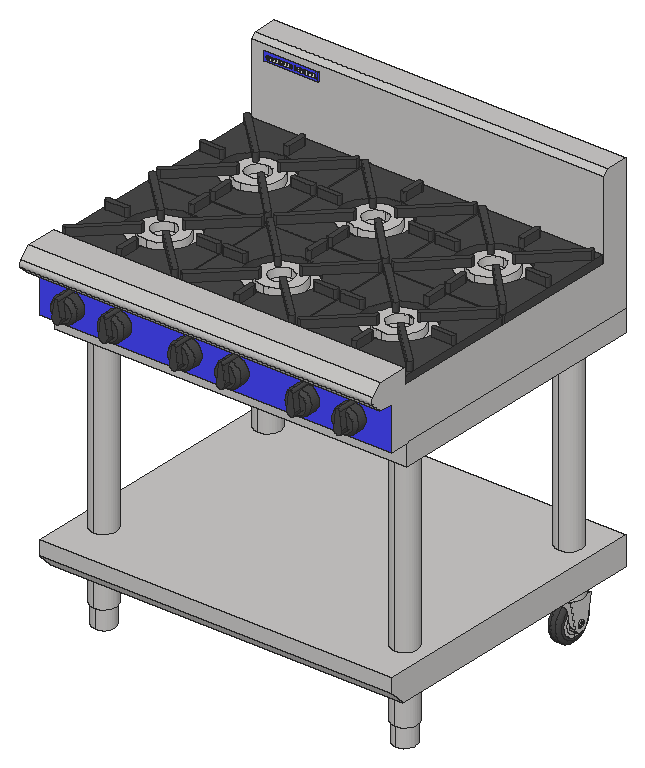
Revit family "QF_MOFFAT_BLUESEAL_CE_G516D-LS", category Specialty Equipment, Revit 2012
Parameters
  Width = 900 mm
  Weight in Pounds = 283  # constant formula
  URL Cutsheet = "www.moffat.com"
  URL = "www.moffat.com"
  Type Mark [instance] = ""
  Status [instance] = ""
  Specification by User [instance] = ""
  Specification by Manufacturer = ""
  Show Logo [instance] = yes
  Show Casters [instance] = yes
  Serial Number = ""
  Seismic Rating = ""
  SMACNA No = ""
  Revision Code [instance] = ""
  Omniclass Number and Title = ""
  NAFEM Spec ID Number = ""
  Model = "G516D-LS"
  Mechanical Remarks = ""
  Mechanical Connection Type = ""
  Masterspec = ""
  Manufacturer = "MOFFAT BLUESEAL"
  Legs [instance] = not(Show Casters)  # no
  Item Number [instance] = ""
  Installed By [instance] = ""
  Identify Quantity as Lot [instance] = yes
  Gas Size = 3/4"
  Gas RI Height = 0 mm
  Gas KW = 46.6
  Gas Input = 159233.0 Btu/h
  Gas Connection Height = 0 mm
  Furnished By [instance] = ""
  Foodservice Equipment Identifier [instance] = yes
  Description = "900MM GAS COOK TOP ON LEG STAND"
  Depth = 812 mm
  CSI MasterFormat = ""
  CSI Master Format = ""
  Base Height [instance] = 150 mm
Reference planes
  plane 1 "BACK": y = 0
  plane 2: z = 0
  plane 3 "LEFT": x = 0
  plane 4 "RIGHT": x = 900
  plane 5 "FRONT": y = -812
  plane 6 "TOP": z = 970
  plane 7 "Center Y": x = 450
  plane 8 "Center X": y = -406
  plane 9 "Base Height": z = 150
  plane 10: z = 915
  plane 11: x = 770
  plane 12: z = 1085
  plane 13: x = 65.354
  plane 14: y = -625
  plane 15: y = -100
  plane 16: x = 834.646
  plane 17: z = 655
Forms (mm)
  Extrusion 1, solid, material "QF_Finishes_Stainless Steel"
    sketch origin (0, 0, 0) x (0, 1, 0) y (0, 0, 1)
      loop
        line (-749, 850) -> (-749, 740) -> (0, 740) -> (0, 1085) -> (-57.5, 1085) -> (-70, 1072.5) -> (-70, 875) -> (-705, 875) -> (-705, 915) -> (-783.97, 915) -> (-808.485, 890.485)
        arc (-808.485, 890.485) -> (-811.999, 882) -> (-808.485, 873.515) r 12
        line (-808.485, 873.515) -> (-784.97, 850) -> (-749, 850)
      loop
        line (0, 685) -> (0, 739.5) -> (-699, 739.5) -> (-699, 685) -> (0, 685)
      loop
        line (0, 222.5) -> (-749, 222.5) -> (-749, 186) -> (-713, 150) -> (0, 150) -> (0, 222.5)
    from 0 to 900
  Revolve 2, solid, material "QF_Finishes_Black"
    sketch origin (90, 7, 600) x (0, 1, 0) y (0, 0, -1)
      loop
        line (-789, -229.5) -> (-766, -229.5) -> (-766, -202) -> (-756, -202) -> (-756, -197) -> (-800, -197) -> (-800, -223.651) -> (-789, -229.5)
      axis (-800, -197) -> (-756, -197)
    angle from 0 to 360
  Extrusion 3, solid, material "QF_Finishes_Black"
    sketch origin (90, -759, 797) x (0, 0, 1) y (1, 0, 0)
      loop
        arc (32.192, -4.965) -> (37.079, 0.034) -> (32.192, 5.033) r 5
        line (32.192, 5.033) -> (-10.726, 10.453)
        arc (-10.726, 10.453) -> (-22.392, 0.618) -> (-11.893, -10.454) r 10.487
        line (-11.893, -10.454) -> (32.192, -4.965)
    from 0 to -49
  Extrusion 4, solid, material "QF_Finishes_Stainless Steel"
    sketch origin (0, 0, 222.5) x (0, -1, 0) y (1, 0, 0)
      loop
        circle (100, 65) r 31.75
      loop
        circle (625, 65) r 31.75
      loop
        circle (100, 835) r 31.75
      loop
        circle (625, 835) r 31.75
    from 0 to 462.5
  Revolve 5, solid, material "QF_Finishes_Stainless Steel", visible <- "Legs"
    sketch origin (65.5, -166, 0) x (0, 1, 0) y (0, 0, 1)
      loop
        line (34.25, 150) -> (34.25, 50) -> (38.5, 50) -> (38.5, 0) -> (66, 0) -> (66, 150) -> (34.25, 150)
      axis (66, 150) -> (66, 0)
    angle from 0 to 360
  Revolve 6, solid, material "QF_Finishes_Stainless Steel"
    sketch origin (65.5, -735, 0) x (0, 1, 0) y (0, 0, 1)
      loop
        line (78.25, 150) -> (78.25, 50) -> (82.5, 50) -> (82.5, 0) -> (110, 0) -> (110, 150) -> (78.25, 150)
      axis (110, 150) -> (110, 0)
    angle from 0 to 360
  Revolve 7, solid, material "QF_Finishes_Stainless Steel", visible <- "Legs"
    sketch origin (834.646, -166, -0.354) x (0, 1, 0) y (0, 0, -1)
      loop
        line (34.25, -150) -> (66, -150) -> (66, -0.354) -> (38.5, -0.354) -> (38.5, -50) -> (34.25, -50) -> (34.25, -150)
      axis (66, -150) -> (66, -0.354)
    angle from 0 to 360
  Revolve 8, solid, material "QF_Finishes_Stainless Steel"
    sketch origin (834.646, -728, -0.354) x (0, 1, 0) y (0, 0, -1)
      loop
        line (71.25, -150) -> (103, -150) -> (103, -0.354) -> (75.5, -0.354) -> (75.5, -50) -> (71.25, -50) -> (71.25, -150)
      axis (103, -150) -> (103, -0.354)
    angle from 0 to 360
  Revolve 9, solid, material "QF_Finishes_Stainless Steel", visible <- "Show Casters"
    sketch origin (16.276, -100.755, -12.8) x (1, 0, 0) y (0, 0, 1)
      loop
        line (14.841, 63.604) -> (83.584, 63.604) -> (83.584, 67.109) -> (82.314, 68.379) -> (80.79, 68.379) -> (80.79, 71.826) -> (68.644, 71.826) -> (68.644, 81.79) -> (65.088, 83.843) -> (63.738, 92.179) -> (65.881, 92.179) -> (65.881, 98.529) -> (65.088, 98.529) -> (65.088, 104.879)
        arc (65.088, 104.879) -> (62.298, 111.614) -> (55.563, 114.404) r 9.525
        line (55.563, 114.404) -> (42.863, 114.404)
        arc (42.863, 114.404) -> (36.127, 111.614) -> (33.338, 104.879) r 9.525
        line (33.338, 104.879) -> (33.338, 98.529) -> (32.544, 98.529) -> (32.544, 92.179) -> (34.687, 92.179) -> (33.352, 83.932) -> (29.782, 81.871) -> (29.782, 71.826) -> (17.635, 71.826) -> (17.635, 68.379) -> (16.111, 68.379) -> (14.841, 67.109) -> (14.841, 63.604)
      axis (14.841, 63.604) -> (83.584, 63.604)
    angle from 0 to 360
  Extrusion 10, solid, material "QF_Finishes_Stainless Steel", visible <- "Show Casters"
    sketch origin (72.001, 132.353, -8.783) x (0, 1, 0) y (0, 0, 1)
      loop
        line (-200.603, 118.783) -> (-264.103, 118.783) -> (-251.746, 53.895)
        arc (-251.746, 53.895) -> (-232.353, 38.783) -> (-212.959, 53.895) r 20
        line (-212.959, 53.895) -> (-200.603, 118.783)
    from -35.667 to 22.923
  Revolve 11, solid, material "QF_Finishes_Stainless Steel", visible <- "Show Casters"
    sketch origin (65.5, -204, 0) x (0, 1, 0) y (0, 0, 1)
      loop
        line (68.25, 150) -> (68.25, 110) -> (104, 110) -> (104, 150) -> (68.25, 150)
      axis (104, 150) -> (104, 110)
    angle from 0 to 360
  Revolve 12, solid, material "QF_Finishes_Stainless Steel", visible <- "Legs"
    sketch origin (65.5, -166, 0) x (0, 1, 0) y (0, 0, 1)
      loop
        line (34.25, 150) -> (34.25, 50) -> (38.5, 50) -> (38.5, 0) -> (66, 0) -> (66, 150) -> (34.25, 150)
      axis (66, 150) -> (66, 0)
    angle from 0 to 360
  Revolve 13, solid, material "QF_Finishes_Stainless Steel", visible <- "Show Casters"
    sketch origin (485.423, -100.755, -12.798) x (1, 0, 0) y (0, 0, 1)
      loop
        line (314.841, 63.604) -> (383.584, 63.604) -> (383.584, 67.109) -> (382.314, 68.379) -> (380.79, 68.379) -> (380.79, 71.826) -> (368.644, 71.826) -> (368.644, 81.79) -> (365.088, 83.843) -> (363.738, 92.179) -> (365.881, 92.179) -> (365.881, 98.529) -> (365.088, 98.529) -> (365.088, 104.879)
        arc (365.088, 104.879) -> (362.298, 111.614) -> (355.563, 114.404) r 9.525
        line (355.563, 114.404) -> (342.863, 114.404)
        arc (342.863, 114.404) -> (336.127, 111.614) -> (333.338, 104.879) r 9.525
        line (333.338, 104.879) -> (333.338, 98.529) -> (332.544, 98.529) -> (332.544, 92.179) -> (334.687, 92.179) -> (333.352, 83.932) -> (329.782, 81.871) -> (329.782, 71.826) -> (317.635, 71.826) -> (317.635, 68.379) -> (316.111, 68.379) -> (314.841, 67.109) -> (314.841, 63.604)
      axis (314.841, 63.604) -> (383.584, 63.604)
    angle from 0 to 360
  Extrusion 14, solid, material "QF_Finishes_Stainless Steel", visible <- "Show Casters"
    sketch origin (841.147, 132.353, -9.137) x (0, 1, 0) y (0, 0, 1)
      loop
        line (-200.603, 118.783) -> (-264.103, 118.783) -> (-251.746, 53.895)
        arc (-251.746, 53.895) -> (-232.353, 38.783) -> (-212.959, 53.895) r 20
        line (-212.959, 53.895) -> (-200.603, 118.783)
    from -35.667 to 22.923
  Revolve 15, solid, material "QF_Finishes_Stainless Steel", visible <- "Show Casters"
    sketch origin (834.646, -204, -0.354) x (0, 1, 0) y (0, 0, 1)
      loop
        line (68.25, 150) -> (68.25, 110) -> (104, 110) -> (104, 150) -> (68.25, 150)
      axis (104, 150) -> (104, 110)
    angle from 0 to 360
  Extrusion 16, solid, material "QF_Finishes_Stainless Steel"
    sketch origin (0, 0, 685) x (-1, 0, 0) y (0, 1, 0)
      loop
        circle (-770, -32) r 6.35
    from 0 to 30
  Revolve 17, solid, material "QF_Finishes_Black"
    sketch origin (390, 7, 600) x (0, 1, 0) y (0, 0, -1)
      loop
        line (-789, -229.5) -> (-766, -229.5) -> (-766, -202) -> (-756, -202) -> (-756, -197) -> (-800, -197) -> (-800, -223.651) -> (-789, -229.5)
      axis (-800, -197) -> (-756, -197)
    angle from 0 to 360
  Extrusion 18, solid, material "QF_Finishes_Black"
    sketch origin (390, -759, 797) x (0, 0, 1) y (1, 0, 0)
      loop
        arc (32.192, -4.965) -> (37.079, 0.034) -> (32.192, 5.033) r 5
        line (32.192, 5.033) -> (-10.726, 10.453)
        arc (-10.726, 10.453) -> (-22.392, 0.618) -> (-11.893, -10.454) r 10.487
        line (-11.893, -10.454) -> (32.192, -4.965)
    from 0 to -49
  Revolve 19, solid, material "QF_Finishes_Black"
    sketch origin (690, 7, 600) x (0, 1, 0) y (0, 0, -1)
      loop
        line (-789, -229.5) -> (-766, -229.5) -> (-766, -202) -> (-756, -202) -> (-756, -197) -> (-800, -197) -> (-800, -223.651) -> (-789, -229.5)
      axis (-800, -197) -> (-756, -197)
    angle from 0 to 360
  Extrusion 20, solid, material "QF_Finishes_Black"
    sketch origin (690, -759, 797) x (0, 0, 1) y (1, 0, 0)
      loop
        arc (32.192, -4.965) -> (37.079, 0.034) -> (32.192, 5.033) r 5
        line (32.192, 5.033) -> (-10.726, 10.453)
        arc (-10.726, 10.453) -> (-22.392, 0.618) -> (-11.893, -10.454) r 10.487
        line (-11.893, -10.454) -> (32.192, -4.965)
    from 0 to -49
  Revolve 21, solid, material "QF_Finishes_Black"
    sketch origin (210, 7, 600) x (0, 1, 0) y (0, 0, -1)
      loop
        line (-789, -229.5) -> (-766, -229.5) -> (-766, -202) -> (-756, -202) -> (-756, -197) -> (-800, -197) -> (-800, -223.651) -> (-789, -229.5)
      axis (-800, -197) -> (-756, -197)
    angle from 0 to 360
  Extrusion 22, solid, material "QF_Finishes_Black"
    sketch origin (210, -759, 797) x (0, 0, 1) y (1, 0, 0)
      loop
        arc (32.192, -4.965) -> (37.079, 0.034) -> (32.192, 5.033) r 5
        line (32.192, 5.033) -> (-10.726, 10.453)
        arc (-10.726, 10.453) -> (-22.392, 0.618) -> (-11.893, -10.454) r 10.487
        line (-11.893, -10.454) -> (32.192, -4.965)
    from 0 to -49
  Revolve 23, solid, material "QF_Finishes_Black"
    sketch origin (510, 7, 600) x (0, 1, 0) y (0, 0, -1)
      loop
        line (-789, -229.5) -> (-766, -229.5) -> (-766, -202) -> (-756, -202) -> (-756, -197) -> (-800, -197) -> (-800, -223.651) -> (-789, -229.5)
      axis (-800, -197) -> (-756, -197)
    angle from 0 to 360
  Extrusion 24, solid, material "QF_Finishes_Black"
    sketch origin (510, -759, 797) x (0, 0, 1) y (1, 0, 0)
      loop
        arc (32.192, -4.965) -> (37.079, 0.034) -> (32.192, 5.033) r 5
        line (32.192, 5.033) -> (-10.726, 10.453)
        arc (-10.726, 10.453) -> (-22.392, 0.618) -> (-11.893, -10.454) r 10.487
        line (-11.893, -10.454) -> (32.192, -4.965)
    from 0 to -49
  Revolve 25, solid, material "QF_Finishes_Black"
    sketch origin (810, 7, 600) x (0, 1, 0) y (0, 0, -1)
      loop
        line (-789, -229.5) -> (-766, -229.5) -> (-766, -202) -> (-756, -202) -> (-756, -197) -> (-800, -197) -> (-800, -223.651) -> (-789, -229.5)
      axis (-800, -197) -> (-756, -197)
    angle from 0 to 360
  Extrusion 26, solid, material "QF_Finishes_Black"
    sketch origin (810, -759, 797) x (0, 0, 1) y (1, 0, 0)
      loop
        arc (32.192, -4.965) -> (37.079, 0.034) -> (32.192, 5.033) r 5
        line (32.192, 5.033) -> (-10.726, 10.453)
        arc (-10.726, 10.453) -> (-22.392, 0.618) -> (-11.893, -10.454) r 10.487
        line (-11.893, -10.454) -> (32.192, -4.965)
    from 0 to -49
Lines and regions (mm)
  Split face 1
    outline origin (0, -56.5, 1085) x (0, 1, 0) y (-1, 0, 0)
      loop
        line (11.115, -338.041) -> (11.115, -566)
        arc (11.115, -566) -> (16.115, -574.66) -> (26.115, -574.66) r 10
        line (26.115, -574.66) -> (33.115, -570.619)
        arc (33.115, -570.619) -> (36.775, -566.959) -> (38.115, -561.959) r 10
        line (38.115, -561.959) -> (38.115, -334)
        arc (38.115, -334) -> (33.115, -325.34) -> (23.115, -325.34) r 10
        line (23.115, -325.34) -> (16.115, -329.381)
        arc (16.115, -329.381) -> (12.455, -333.041) -> (11.115, -338.041) r 10
  Split face 2
    outline origin (0, -56.5, 1085) x (0, 1, 0) y (-1, 0, 0)
      loop
        line (38.115, -851.959) -> (38.115, -624)
        arc (38.115, -624) -> (33.115, -615.34) -> (23.115, -615.34) r 10
        line (23.115, -615.34) -> (16.115, -619.381)
        arc (16.115, -619.381) -> (12.455, -623.041) -> (11.115, -628.041) r 10
        line (11.115, -628.041) -> (11.115, -856)
        arc (11.115, -856) -> (16.115, -864.66) -> (26.115, -864.66) r 10
        line (26.115, -864.66) -> (33.115, -860.619)
        arc (33.115, -860.619) -> (36.775, -856.959) -> (38.115, -851.959) r 10
  Split face 3
    outline origin (0, -56.5, 1085) x (0, 1, 0) y (-1, 0, 0)
      loop
        line (11.115, -48.041) -> (11.115, -276)
        arc (11.115, -276) -> (16.115, -284.66) -> (26.115, -284.66) r 10
        line (26.115, -284.66) -> (33.115, -280.619)
        arc (33.115, -280.619) -> (36.775, -276.959) -> (38.115, -271.959) r 10
        line (38.115, -271.959) -> (38.115, -44)
        arc (38.115, -44) -> (33.115, -35.34) -> (23.115, -35.34) r 10
        line (23.115, -35.34) -> (16.115, -39.381)
        arc (16.115, -39.381) -> (12.455, -43.041) -> (11.115, -48.041) r 10
  symbolic lines, style "SpecialityEquipmentHiddenLines", visible <- "Show Casters"
    curve 1: line (78.456, -46.735, 0) -> (105.952, -62.61, 0)
    curve 2: line (27.656, -134.723, 0) -> (78.456, -46.735, 0)
    curve 3: line (55.152, -150.598, 0) -> (27.656, -134.723, 0)
    curve 4: line (105.952, -62.61, 0) -> (55.152, -150.598, 0)
    curve 5: line (848.456, -46.735, 0) -> (875.952, -62.61, 0)
    curve 6: line (797.656, -134.723, 0) -> (848.456, -46.735, 0)
    curve 7: line (825.152, -150.598, 0) -> (797.656, -134.723, 0)
    curve 8: line (875.952, -62.61, 0) -> (825.152, -150.598, 0)
  symbolic lines
    curve 9: line (0, -783.97, 0) -> (900, -783.97, 0)
    curve 10: line (0, 0, 0) -> (0, -811.999, 0)
    curve 11: line (900, -811.999, 0) -> (900, 0, 0)
    curve 12: line (900, -811.999, 0) -> (0, -811.999, 0)
    curve 13: line (0, -70, 0) -> (900, -70, 0)
    curve 14: line (0, -57.5, 0) -> (900, -57.5, 0)
    curve 15: line (900, 0, 0) -> (0, 0, 0)
    curve 16: line (561.959, -18.385, 0) -> (334, -18.385, 0)
    curve 17: arc (334, -18.385, 0) -> (325.34, -23.385, 0) -> (325.34, -33.385, 0) r 10
    curve 18: line (325.34, -33.385, 0) -> (329.381, -40.385, 0)
    curve 19: arc (329.381, -40.385, 0) -> (333.041, -44.045, 0) -> (338.041, -45.385, 0) r 10
    curve 20: line (338.041, -45.385, 0) -> (566, -45.385, 0)
    curve 21: arc (566, -45.385, 0) -> (574.66, -40.385, 0) -> (574.66, -30.385, 0) r 10
    curve 22: line (574.66, -30.385, 0) -> (570.619, -23.385, 0)
    curve 23: arc (570.619, -23.385, 0) -> (566.959, -19.725, 0) -> (561.959, -18.385, 0) r 10
    curve 24: line (851.959, -18.385, 0) -> (624, -18.385, 0)
    curve 25: arc (624, -18.385, 0) -> (615.34, -23.385, 0) -> (615.34, -33.385, 0) r 10
    curve 26: line (615.34, -33.385, 0) -> (619.381, -40.385, 0)
    curve 27: arc (619.381, -40.385, 0) -> (623.041, -44.045, 0) -> (628.041, -45.385, 0) r 10
    curve 28: line (628.041, -45.385, 0) -> (856, -45.385, 0)
    curve 29: arc (856, -45.385, 0) -> (864.66, -40.385, 0) -> (864.66, -30.385, 0) r 10
    curve 30: line (864.66, -30.385, 0) -> (860.619, -23.385, 0)
    curve 31: arc (860.619, -23.385, 0) -> (856.959, -19.725, 0) -> (851.959, -18.385, 0) r 10
    curve 32: line (271.959, -18.385, 0) -> (44, -18.385, 0)
    curve 33: arc (44, -18.385, 0) -> (35.34, -23.385, 0) -> (35.34, -33.385, 0) r 10
    curve 34: line (35.34, -33.385, 0) -> (39.381, -40.385, 0)
    curve 35: arc (39.381, -40.385, 0) -> (43.041, -44.045, 0) -> (48.041, -45.385, 0) r 10
    curve 36: line (48.041, -45.385, 0) -> (276, -45.385, 0)
    curve 37: arc (276, -45.385, 0) -> (284.66, -40.385, 0) -> (284.66, -30.385, 0) r 10
    curve 38: line (284.66, -30.385, 0) -> (280.619, -23.385, 0)
    curve 39: arc (280.619, -23.385, 0) -> (276.959, -19.725, 0) -> (271.959, -18.385, 0) r 10
    curve 40: line (0, -705, 0) -> (900, -705, 0)
Dimensions and locks
  equal spacing: plane 3 "LEFT", plane 7 "Center Y", plane 4 "RIGHT"
  "Width": plane 3 "LEFT" to plane 4 "RIGHT"
  equal spacing: plane 5 "FRONT", plane 8 "Center X", plane 1 "BACK"
  "Depth": plane 5 "FRONT" to plane 1 "BACK"
  equal spacing: plane 4 "RIGHT", plane 7 "Center Y", plane 3 "LEFT"
  plane 4 "RIGHT" to plane 3 "LEFT" = 900 mm
  plane 5 "FRONT" to plane 1 "BACK" = 812 mm
  "Base Height": plane 9 "Base Height" to level
  plane 6 "TOP" to level = 970 mm
  plane 10 to level = 915 mm
  plane 11 to plane 4 "RIGHT" = 130 mm
  plane 12 to plane 2 = 1085 mm
  Revolve 9 sketch curve to Revolve 9 sketch curve = 50.8 mm
  Revolve 13 sketch curve to Revolve 13 sketch curve = 50.8 mm
  plane 15 to plane 14 = 525 mm
  plane 17 to plane 2 = 655 mm
  Extrusion 16 sketch curve to plane 1 "BACK" = 32 mm
  aligned and locked: level to plane 2
Automatic sketch dimensions
  plane 1 "BACK" to curve 15 = 0 mm
  curve 15 to plane 3 "LEFT" = 0 mm
  curve 11 to plane 4 "RIGHT" = 0 mm
  plane 3 "LEFT" to curve 2 = 27.656 mm
  plane 13 to curve 34 = 30.014 mm
  curve 34 to curve 34 = 4.041 mm
  curve 33 to curve 33 = 8.66 mm
  curve 34 to curve 35 = 8.66 mm
  plane 13 to curve 3 = 10.202 mm
  curve 1 to plane 13 = 13.102 mm
  plane 1 "BACK" to curve 39 = 18.385 mm
  curve 1 to curve 39 = 166.007 mm
  curve 39 to curve 37 = 4.041 mm
  curve 32 to curve 39 = 8.66 mm
  plane 1 "BACK" to curve 38 = 30.385 mm
  curve 38 to curve 38 = 4.041 mm
  plane 1 "BACK" to curve 18 = 33.385 mm
  curve 38 to curve 18 = 40.679 mm
  curve 17 to curve 19 = 4.041 mm  (x2)
  curve 17 to curve 16 = 8.66 mm
  plane 1 "BACK" to curve 23 = 28.385 mm
  plane 7 "Center Y" to curve 23 = 111.959 mm
  curve 23 to curve 20 = 4.041 mm
  curve 16 to curve 23 = 8.66 mm
  curve 23 to curve 21 = 4.041 mm
  plane 1 "BACK" to curve 26 = 33.385 mm
  curve 22 to curve 26 = 40.679 mm
  curve 26 to curve 27 = 4.041 mm
  curve 25 to curve 24 = 8.66 mm
  curve 26 to curve 27 = 8.66 mm
  plane 11 to curve 6 = 27.656 mm
  curve 8 to plane 16 = 9.494 mm
  plane 16 to curve 6 = 13.809 mm
  plane 16 to curve 24 = 17.312 mm
  curve 5 to curve 28 = 7.544 mm
  curve 31 to curve 31 = 8.66 mm
  curve 31 to curve 29 = 4.041 mm
  curve 33 to curve 32 = 15 mm
  curve 27 to curve 25 = 2 mm
  curve 37 to curve 37 = 5 mm
  curve 35 to curve 33 = 7 mm
  plane 1 "BACK" to curve 29 = 35.385 mm
  curve 21 to curve 23 = 7 mm
  curve 19 to curve 17 = 2 mm
  curve 27 to curve 26 = 7 mm
  curve 18 to curve 17 = 7 mm
  curve 1 to curve 36 = 1.35 mm
  curve 6 to curve 28 = 1.35 mm
  curve 14 to plane 15 = 42.5 mm
  curve 5 to curve 14 = 5.11 mm
  curve 4 to curve 1 = 15.875 mm
  curve 13 to curve 14 = 12.5 mm
  plane 14 to curve 40 = 80 mm
  curve 9 to plane 5 "FRONT" = 28.03 mm
  curve 12 to plane 5 "FRONT" = 0.001 mm
  curve 27 to curve 25 = 7 mm
  curve 19 to curve 17 = 7 mm
  curve 29 to curve 31 = 7 mm
  curve 37 to curve 39 = 7 mm
  plane 10 to Extrusion 1 sketch curve = 0 mm
  Extrusion 1 sketch curve to plane 9 "Base Height" = 0 mm
  plane 12 to Extrusion 1 sketch curve = 0 mm
  Extrusion 1 sketch curve to plane 1 "BACK" = 0 mm  (x3)
  Extrusion 1 sketch curve to plane 15 = 42.5 mm
  plane 12 to Extrusion 1 sketch curve = 12.5 mm
  Extrusion 1 sketch curve to Extrusion 1 sketch curve = 12.5 mm
  plane 17 to Extrusion 1 sketch curve = 30 mm
  plane 14 to Extrusion 1 sketch curve = 74 mm
  plane 14 to Extrusion 1 sketch curve = 80 mm
  plane 14 to Extrusion 1 sketch curve = 88 mm
  Extrusion 1 sketch curve to Extrusion 1 sketch curve = 44 mm
  Extrusion 1 sketch curve to Extrusion 1 sketch curve = 36 mm
  Extrusion 1 sketch curve to plane 5 "FRONT" = 28.03 mm
  Extrusion 1 sketch curve to plane 5 "FRONT" = 27.03 mm
  Extrusion 1 sketch curve to plane 5 "FRONT" = 12.001 mm
  Extrusion 1 sketch curve to plane 5 "FRONT" = 3.515 mm  (x2)
  plane 9 "Base Height" to Extrusion 1 sketch curve = 36 mm
  plane 9 "Base Height" to Extrusion 1 sketch curve = 72.5 mm
  Extrusion 1 sketch curve to Extrusion 1 sketch curve = 54.5 mm
  Extrusion 1 sketch curve to Extrusion 1 sketch curve = 0.5 mm
  plane 10 to Extrusion 1 sketch curve = 65 mm
  Extrusion 1 sketch curve to Extrusion 1 sketch curve = 23.515 mm
  plane 10 to Extrusion 1 sketch curve = 40 mm
  Extrusion 1 sketch curve to Extrusion 1 sketch curve = 8.485 mm
  Revolve 2 sketch curve to plane 5 "FRONT" = 19 mm
  Revolve 2 sketch curve to Revolve 2 sketch curve = 0 mm  (x2)
  Revolve 2 sketch curve to Revolve 2 sketch curve = 11 mm
  Revolve 2 sketch curve to Revolve 2 sketch curve = 12.7 mm
  Revolve 2 sketch curve to Revolve 2 sketch curve = 23 mm
  Revolve 2 sketch curve to Revolve 2 sketch curve = 10 mm
  plane 10 to Revolve 2 sketch curve = 85.5 mm
  Revolve 2 sketch curve to Revolve 2 sketch curve = 5.849 mm
  Revolve 2 sketch curve to Revolve 2 sketch curve = 27.5 mm
  Revolve 2 sketch curve to Revolve 2 sketch curve = 5 mm
  Extrusion 3 sketch curve to Revolve 2 = 0.034 mm  (x2)
  Revolve 2 to Extrusion 3 sketch curve = 10.454 mm
  Extrusion 3 sketch curve to Extrusion 3 sketch curve = 0.028 mm
  Extrusion 3 sketch curve to Revolve 2 = 10.453 mm
  Extrusion 3 sketch curve to Extrusion 3 sketch curve = 44 mm
  Extrusion 3 sketch curve to Revolve 2 = 5.033 mm
  Extrusion 3 sketch curve to Extrusion 3 sketch curve = 0.113 mm
  Revolve 2 to Extrusion 3 sketch curve = 4.965 mm
  Extrusion 4 sketch curve to Extrusion 4 sketch curve = 0 mm  (x8)
  Extrusion 1 to Extrusion 4 sketch curve = 68.25 mm  (x2)
  Extrusion 4 sketch curve to Extrusion 4 sketch curve = 31.75 mm  (x4)
  Extrusion 4 sketch curve to Extrusion 1 = 155.75 mm  (x2)
  Extrusion 1 to Extrusion 4 sketch curve = 65 mm  (x4)
  Revolve 5 sketch curve to plane 9 "Base Height" = 0 mm
  Revolve 5 sketch curve to level = 0 mm
  Revolve 5 sketch curve to plane 15 = 0 mm  (x2)
  plane 15 to Revolve 5 sketch curve = 27.5 mm
  plane 15 to Revolve 5 sketch curve = 31.75 mm
  Revolve 5 sketch curve to Revolve 5 sketch curve = 55 mm
  level to Revolve 5 sketch curve = 50 mm
  Revolve 5 sketch curve to Revolve 5 sketch curve = 0 mm
  Revolve 6 sketch curve to plane 9 "Base Height" = 0 mm
  Revolve 6 sketch curve to level = 0 mm
  Revolve 6 sketch curve to plane 14 = 0 mm  (x2)
  Revolve 6 sketch curve to Revolve 6 sketch curve = 27.5 mm
  Revolve 6 sketch curve to Revolve 6 sketch curve = 31.75 mm
  Revolve 6 sketch curve to Revolve 6 sketch curve = 55 mm
  level to Revolve 6 sketch curve = 50 mm
  Revolve 6 sketch curve to Revolve 6 sketch curve = 0 mm
  Revolve 7 sketch curve to level = 0 mm
  Revolve 7 sketch curve to plane 15 = 0 mm  (x2)
  plane 15 to Revolve 7 sketch curve = 27.5 mm
  Revolve 7 sketch curve to plane 9 "Base Height" = 0.354 mm
  plane 15 to Revolve 7 sketch curve = 31.75 mm
  level to Revolve 7 sketch curve = 49.646 mm
  Revolve 7 sketch curve to Revolve 7 sketch curve = 0 mm
  Revolve 7 sketch curve to level = 55.354 mm
  Revolve 8 sketch curve to level = 0 mm
  Revolve 8 sketch curve to plane 14 = 0 mm  (x2)
  Revolve 8 sketch curve to Revolve 8 sketch curve = 27.5 mm
  Revolve 8 sketch curve to plane 9 "Base Height" = 0.354 mm
  plane 14 to Revolve 8 sketch curve = 31.75 mm
  level to Revolve 8 sketch curve = 49.646 mm
  Revolve 8 sketch curve to Revolve 8 sketch curve = 0 mm
  Revolve 8 sketch curve to Revolve 8 sketch curve = 55.354 mm
  plane 3 "LEFT" to Revolve 9 sketch curve = 31.118 mm
  Revolve 9 sketch curve to Revolve 9 sketch curve = 1.27 mm  (x4)
  Revolve 9 sketch curve to Revolve 9 sketch curve = 1.524 mm  (x2)
  Revolve 9 sketch curve to Revolve 9 sketch curve = 12.146 mm  (x2)
  plane 13 to Revolve 9 sketch curve = 16.533 mm
  Revolve 9 sketch curve to Revolve 9 sketch curve = 0.794 mm  (x2)
  Revolve 9 sketch curve to Revolve 9 sketch curve = 3.57 mm
  Revolve 9 sketch curve to Revolve 9 sketch curve = 2.143 mm
  plane 13 to Revolve 9 sketch curve = 6.215 mm
  Revolve 9 sketch curve to plane 13 = 5.276 mm
  Revolve 9 sketch curve to plane 13 = 6.485 mm
  Revolve 9 sketch curve to plane 13 = 14.661 mm
  Revolve 9 sketch curve to Revolve 9 sketch curve = 1.349 mm  (x2)
  Revolve 9 sketch curve to Revolve 9 sketch curve = 3.556 mm
  Revolve 9 sketch curve to Revolve 9 sketch curve = 33.32 mm
  level to Revolve 9 sketch curve = 50.804 mm
  Revolve 9 sketch curve to Revolve 9 sketch curve = 0 mm
  Revolve 9 sketch curve to Revolve 9 sketch curve = 3.505 mm  (x2)
  Revolve 9 sketch curve to Revolve 9 sketch curve = 3.447 mm  (x2)
  Revolve 9 sketch curve to Revolve 9 sketch curve = 9.964 mm
  Revolve 9 sketch curve to Revolve 9 sketch curve = 10.045 mm
  Revolve 9 sketch curve to Revolve 9 sketch curve = 2.053 mm
  Revolve 9 sketch curve to Revolve 9 sketch curve = 2.061 mm
  Revolve 9 sketch curve to Revolve 9 sketch curve = 8.247 mm
  Revolve 9 sketch curve to Revolve 9 sketch curve = 8.336 mm
  Revolve 9 sketch curve to Revolve 9 sketch curve = 6.35 mm  (x2)
  Extrusion 10 sketch curve to plane 15 = 0 mm
  plane 15 to Extrusion 10 sketch curve = 19.393 mm
  plane 15 to Extrusion 10 sketch curve = 31.75 mm
  Extrusion 10 sketch curve to plane 15 = 19.393 mm
  Extrusion 10 sketch curve to plane 15 = 31.75 mm
  level to Extrusion 10 sketch curve = 45.111 mm
  Extrusion 10 sketch curve to Extrusion 10 sketch curve = 4.889 mm
  Extrusion 10 sketch curve to plane 9 "Base Height" = 40 mm
  Revolve 11 sketch curve to plane 9 "Base Height" = 0 mm
  Revolve 11 sketch curve to plane 15 = 0 mm  (x2)
  plane 15 to Revolve 11 sketch curve = 35.75 mm
  Revolve 11 sketch curve to Revolve 11 sketch curve = 40 mm
  level to Revolve 11 sketch curve = 50 mm
  Revolve 11 sketch curve to level = 55 mm
  Revolve 12 sketch curve to plane 9 "Base Height" = 0 mm
  Revolve 12 sketch curve to level = 0 mm
  Revolve 12 sketch curve to plane 15 = 0 mm  (x2)
  plane 15 to Revolve 12 sketch curve = 27.5 mm
  plane 15 to Revolve 12 sketch curve = 31.75 mm
  Revolve 12 sketch curve to Revolve 12 sketch curve = 55 mm
  level to Revolve 12 sketch curve = 50 mm
  Revolve 12 sketch curve to Revolve 12 sketch curve = 0 mm
  plane 11 to Revolve 13 sketch curve = 30.264 mm
  Revolve 13 sketch curve to Revolve 13 sketch curve = 1.27 mm  (x4)
  Revolve 13 sketch curve to Revolve 13 sketch curve = 1.524 mm  (x2)
  Revolve 13 sketch curve to Revolve 13 sketch curve = 12.146 mm  (x2)
  Revolve 13 sketch curve to plane 16 = 16.68 mm
  Revolve 13 sketch curve to Revolve 13 sketch curve = 0.794 mm  (x2)
  Revolve 13 sketch curve to Revolve 13 sketch curve = 3.57 mm
  Revolve 13 sketch curve to Revolve 13 sketch curve = 2.143 mm
  Revolve 13 sketch curve to plane 16 = 6.361 mm
  plane 16 to Revolve 13 sketch curve = 5.13 mm
  plane 16 to Revolve 13 sketch curve = 6.339 mm
  plane 16 to Revolve 13 sketch curve = 14.515 mm
  Revolve 13 sketch curve to Revolve 13 sketch curve = 1.349 mm  (x2)
  Revolve 13 sketch curve to Revolve 13 sketch curve = 3.556 mm
  Revolve 13 sketch curve to plane 4 "RIGHT" = 2.327 mm
  level to Revolve 13 sketch curve = 50.806 mm
  Revolve 13 sketch curve to Revolve 13 sketch curve = 0 mm
  Revolve 13 sketch curve to Revolve 13 sketch curve = 3.505 mm  (x2)
  Revolve 13 sketch curve to Revolve 13 sketch curve = 3.447 mm  (x2)
  Revolve 13 sketch curve to Revolve 13 sketch curve = 9.964 mm
  Revolve 13 sketch curve to Revolve 13 sketch curve = 10.045 mm
  Revolve 13 sketch curve to Revolve 13 sketch curve = 2.053 mm
  Revolve 13 sketch curve to Revolve 13 sketch curve = 2.061 mm
  Revolve 13 sketch curve to Revolve 13 sketch curve = 8.247 mm
  Revolve 13 sketch curve to Revolve 13 sketch curve = 8.336 mm
  Revolve 13 sketch curve to Revolve 13 sketch curve = 6.35 mm  (x2)
  Extrusion 14 sketch curve to plane 15 = 0 mm
  plane 15 to Extrusion 14 sketch curve = 19.393 mm
  plane 15 to Extrusion 14 sketch curve = 31.75 mm
  Extrusion 14 sketch curve to plane 15 = 19.393 mm
  Extrusion 14 sketch curve to plane 15 = 31.75 mm
  level to Extrusion 14 sketch curve = 44.758 mm
  Extrusion 14 sketch curve to Extrusion 14 sketch curve = 4.889 mm
  Extrusion 14 sketch curve to plane 9 "Base Height" = 40.354 mm
  Revolve 15 sketch curve to plane 15 = 0 mm  (x2)
  Revolve 15 sketch curve to plane 9 "Base Height" = 0.354 mm
  plane 15 to Revolve 15 sketch curve = 35.75 mm
  Revolve 15 sketch curve to Revolve 15 sketch curve = 40 mm
  level to Revolve 15 sketch curve = 49.646 mm
  Revolve 15 sketch curve to level = 55.354 mm
  Extrusion 16 sketch curve to Extrusion 16 sketch curve = 0 mm
  Extrusion 16 sketch curve to Extrusion 1 = 38.35 mm
  Extrusion 16 sketch curve to Extrusion 1 = 130 mm
  Split face 1 sketch curve to Extrusion 1 = 12.115 mm
  Split face 1 sketch curve to Split face 1 sketch curve = 5 mm  (x2)
  Split face 1 sketch curve to Split face 1 sketch curve = 10 mm  (x3)
  Split face 1 sketch curve to Split face 1 sketch curve = 7 mm  (x4)
  Split face 1 sketch curve to Extrusion 1 = 325.34 mm
  Split face 1 sketch curve to Split face 1 sketch curve = 4.041 mm  (x2)
  Split face 1 sketch curve to Split face 1 sketch curve = 223.917 mm
  Split face 2 sketch curve to Extrusion 1 = 12.115 mm
  Split face 2 sketch curve to Split face 2 sketch curve = 5 mm  (x2)
  Split face 2 sketch curve to Split face 2 sketch curve = 10 mm  (x3)
  Split face 2 sketch curve to Split face 2 sketch curve = 7 mm  (x4)
  Split face 2 sketch curve to Extrusion 1 = 35.34 mm
  Split face 2 sketch curve to Split face 2 sketch curve = 4.041 mm  (x2)
  Split face 2 sketch curve to Split face 2 sketch curve = 223.917 mm
  Split face 3 sketch curve to Extrusion 1 = 12.115 mm
  Split face 3 sketch curve to Split face 3 sketch curve = 5 mm  (x3)
  Split face 3 sketch curve to Split face 3 sketch curve = 10 mm  (x2)
  Split face 3 sketch curve to Split face 3 sketch curve = 7 mm  (x4)
  Split face 3 sketch curve to Extrusion 1 = 284.66 mm
  Split face 3 sketch curve to Split face 3 sketch curve = 4.041 mm  (x2)
  Split face 3 sketch curve to Extrusion 1 = 48.041 mm
  Revolve 17 sketch curve to plane 5 "FRONT" = 19 mm
  Revolve 17 sketch curve to Revolve 17 sketch curve = 0 mm  (x2)
  Revolve 17 sketch curve to Revolve 17 sketch curve = 11 mm
  Revolve 17 sketch curve to Revolve 17 sketch curve = 12.7 mm
  Revolve 17 sketch curve to Revolve 17 sketch curve = 23 mm
  Revolve 17 sketch curve to Revolve 17 sketch curve = 10 mm
  plane 10 to Revolve 17 sketch curve = 85.5 mm
  Revolve 17 sketch curve to Revolve 17 sketch curve = 5.849 mm
  Revolve 17 sketch curve to Revolve 17 sketch curve = 27.5 mm
  Revolve 17 sketch curve to Revolve 17 sketch curve = 5 mm
  Extrusion 18 sketch curve to Revolve 17 = 0.034 mm  (x2)
  Revolve 17 to Extrusion 18 sketch curve = 10.454 mm
  Extrusion 18 sketch curve to Extrusion 18 sketch curve = 0.028 mm
  Extrusion 18 sketch curve to Revolve 17 = 10.453 mm
  Extrusion 18 sketch curve to Extrusion 18 sketch curve = 44 mm
  Extrusion 18 sketch curve to Revolve 17 = 5.033 mm
  Extrusion 18 sketch curve to Extrusion 18 sketch curve = 0.113 mm
  Revolve 17 to Extrusion 18 sketch curve = 4.965 mm
  Revolve 19 sketch curve to plane 5 "FRONT" = 19 mm
  Revolve 19 sketch curve to Revolve 19 sketch curve = 0 mm  (x2)
  Revolve 19 sketch curve to Revolve 19 sketch curve = 11 mm
  Revolve 19 sketch curve to Revolve 19 sketch curve = 12.7 mm
  Revolve 19 sketch curve to Revolve 19 sketch curve = 23 mm
  Revolve 19 sketch curve to Revolve 19 sketch curve = 10 mm
  plane 10 to Revolve 19 sketch curve = 85.5 mm
  Revolve 19 sketch curve to Revolve 19 sketch curve = 5.849 mm
  Revolve 19 sketch curve to Revolve 19 sketch curve = 27.5 mm
  Revolve 19 sketch curve to Revolve 19 sketch curve = 5 mm
  Extrusion 20 sketch curve to Revolve 19 = 0.034 mm  (x2)
  Revolve 19 to Extrusion 20 sketch curve = 10.454 mm
  Extrusion 20 sketch curve to Extrusion 20 sketch curve = 0.028 mm
  Extrusion 20 sketch curve to Revolve 19 = 10.453 mm
  Extrusion 20 sketch curve to Extrusion 20 sketch curve = 44 mm
  Extrusion 20 sketch curve to Revolve 19 = 5.033 mm
  Extrusion 20 sketch curve to Extrusion 20 sketch curve = 0.113 mm
  Revolve 19 to Extrusion 20 sketch curve = 4.965 mm
  Revolve 21 sketch curve to plane 5 "FRONT" = 19 mm
  Revolve 21 sketch curve to Revolve 21 sketch curve = 0 mm  (x2)
  Revolve 21 sketch curve to Revolve 21 sketch curve = 11 mm
  Revolve 21 sketch curve to Revolve 21 sketch curve = 12.7 mm
  Revolve 21 sketch curve to Revolve 21 sketch curve = 23 mm
  Revolve 21 sketch curve to Revolve 21 sketch curve = 10 mm
  plane 10 to Revolve 21 sketch curve = 85.5 mm
  Revolve 21 sketch curve to Revolve 21 sketch curve = 5.849 mm
  Revolve 21 sketch curve to Revolve 21 sketch curve = 27.5 mm
  Revolve 21 sketch curve to Revolve 21 sketch curve = 5 mm
  Extrusion 22 sketch curve to Revolve 21 = 0.034 mm  (x2)
  Revolve 21 to Extrusion 22 sketch curve = 10.454 mm
  Extrusion 22 sketch curve to Extrusion 22 sketch curve = 0.028 mm
  Extrusion 22 sketch curve to Revolve 21 = 10.453 mm
  Extrusion 22 sketch curve to Extrusion 22 sketch curve = 44 mm
  Extrusion 22 sketch curve to Revolve 21 = 5.033 mm
  Extrusion 22 sketch curve to Extrusion 22 sketch curve = 0.113 mm
  Revolve 21 to Extrusion 22 sketch curve = 4.965 mm
  Revolve 23 sketch curve to plane 5 "FRONT" = 19 mm
  Revolve 23 sketch curve to Revolve 23 sketch curve = 0 mm  (x2)
  Revolve 23 sketch curve to Revolve 23 sketch curve = 11 mm
  Revolve 23 sketch curve to Revolve 23 sketch curve = 12.7 mm
  Revolve 23 sketch curve to Revolve 23 sketch curve = 23 mm
  Revolve 23 sketch curve to Revolve 23 sketch curve = 10 mm
  plane 10 to Revolve 23 sketch curve = 85.5 mm
  Revolve 23 sketch curve to Revolve 23 sketch curve = 5.849 mm
  Revolve 23 sketch curve to Revolve 23 sketch curve = 27.5 mm
  Revolve 23 sketch curve to Revolve 23 sketch curve = 5 mm
  Extrusion 24 sketch curve to Revolve 23 = 0.034 mm  (x2)
  Revolve 23 to Extrusion 24 sketch curve = 10.454 mm
  Extrusion 24 sketch curve to Extrusion 24 sketch curve = 0.028 mm
  Extrusion 24 sketch curve to Revolve 23 = 10.453 mm
  Extrusion 24 sketch curve to Extrusion 24 sketch curve = 44 mm
  Extrusion 24 sketch curve to Revolve 23 = 5.033 mm
  Extrusion 24 sketch curve to Extrusion 24 sketch curve = 0.113 mm
  Revolve 23 to Extrusion 24 sketch curve = 4.965 mm
  Revolve 25 sketch curve to plane 5 "FRONT" = 19 mm
  Revolve 25 sketch curve to Revolve 25 sketch curve = 0 mm  (x2)
  Revolve 25 sketch curve to Revolve 25 sketch curve = 11 mm
  Revolve 25 sketch curve to Revolve 25 sketch curve = 12.7 mm
  Revolve 25 sketch curve to Revolve 25 sketch curve = 23 mm
  Revolve 25 sketch curve to Revolve 25 sketch curve = 10 mm
  plane 10 to Revolve 25 sketch curve = 85.5 mm
  Revolve 25 sketch curve to Revolve 25 sketch curve = 5.849 mm
  Revolve 25 sketch curve to Revolve 25 sketch curve = 27.5 mm
  Revolve 25 sketch curve to Revolve 25 sketch curve = 5 mm
  Extrusion 26 sketch curve to Revolve 25 = 0.034 mm  (x2)
  Revolve 25 to Extrusion 26 sketch curve = 10.454 mm
  Extrusion 26 sketch curve to Extrusion 26 sketch curve = 0.028 mm
  Extrusion 26 sketch curve to Revolve 25 = 10.453 mm
  Extrusion 26 sketch curve to Extrusion 26 sketch curve = 44 mm
  Extrusion 26 sketch curve to Revolve 25 = 5.033 mm
  Extrusion 26 sketch curve to Extrusion 26 sketch curve = 0.113 mm
  Revolve 25 to Extrusion 26 sketch curve = 4.965 mm
Nested families
  nested 1: "WALDORF LOGO_FACE BASE" at (32, -70, 1057.475) x (1, 0, 0) z (0, -1, 0), visible <- "Show Logo", type "WALDORF LOGO_FACE BASE", detail levels medium+fine
    with Show Logo yes
  nested 2: "GAS BURNER 900" at (-1, -70, 875), type "GAS BURNER 900"
    with Width 900 mm, Type Mark "", Status "", Specification by User "", Revision Code "", Item Number "", Installed By "", Identify Quantity as Lot yes, Furnished By "", Foodservice Equipment Identifier yes, Depth 635 mm
Connectors
  piping at (770, -32, 655)
    settings: on Extrusion 16, index 1, connector radius 0.37402", flow factor 0, pipe flow 0 GPM, pressure drop 0.00 psi, fitting loss kfactor 0, connector angle 0.00°, fixture units 0, engagement length 0 mm, flow configuration 1, flow direction 1, fitting loss method 0, system type 7, joint type 0, gender type 0, connector reference index -1, connector utility 0, adjustable connector no, is connector primary yes, fitting loss table "", connector description "GAS CONNECTION"
Definition of nested family "WALDORF LOGO_FACE BASE"
  Parameters (values of type "WALDORF LOGO_FACE BASE")
    Show Logo [instance] = yes
    Default Elevation = 1219.2 mm
  Reference planes
    plane 1 "Center (Front/Back)": y = 0
    plane 2: z = 0
    plane 3 "Center (Left/Right)": x = 0
  Forms (mm)
    Extrusion 1, solid
      sketch origin (0, 0, 0) x (1, 0, 0) y (0, 1, 0)
        loop
          line (-1219.2, 1219.2) -> (-1219.2, -1219.2) -> (1219.2, -1219.2) -> (1219.2, 1219.2) -> (-1219.2, 1219.2)
      from 0 to -304.8
    Extrusion 2, solid, material "QF_Finishes_Blue", visible <- "Show Logo"
      sketch origin (0, -33.217, 0) x (1, 0, 0) y (0, 1, 0)
        loop
          arc (138, 31.942) -> (137.626, 32.844) -> (136.724, 33.217) r 1.276
          line (136.724, 33.217) -> (1.29, 33.217)
          arc (1.29, 33.217) -> (0.378, 32.839) -> (0, 31.927) r 1.29
          line (0, 31.927) -> (0, 11.507)
          arc (0, 11.507) -> (0.378, 10.595) -> (1.29, 10.217) r 1.29
          line (1.29, 10.217) -> (136.71, 10.217)
          arc (136.71, 10.217) -> (137.622, 10.595) -> (138, 11.507) r 1.29
          line (138, 11.507) -> (138, 31.942)
      from 0 to 1.588
    Extrusion 3, solid, material "QF_Finishes_White", visible <- "Show Logo"
      sketch origin (0, -33.217, 1.588) x (1, 0, 0) y (0, 1, 0)
        loop
          arc (108.946, 25.919) -> (107.613, 25.367) -> (107.061, 24.034) r 1.885
          line (107.061, 24.034) -> (107.061, 17.211) -> (112.704, 17.211) -> (112.704, 19.129) -> (115.546, 19.129) -> (115.546, 17.211) -> (121.584, 17.211) -> (121.584, 24.075)
          arc (121.584, 24.075) -> (121.043, 25.379) -> (119.739, 25.919) r 1.845
          line (119.739, 25.919) -> (108.946, 25.919)
        loop
          line (123.478, 25.919) -> (123.478, 17.163) -> (134.904, 17.163) -> (134.904, 19.129) -> (129.246, 19.129) -> (129.246, 25.919) -> (123.478, 25.919)
        loop
          line (112.704, 21.258) -> (115.546, 21.258) -> (115.546, 22.702)
          arc (115.546, 22.702) -> (115.344, 23.188) -> (114.858, 23.389) r 0.687
          line (114.858, 23.389) -> (113.363, 23.389)
          arc (113.363, 23.389) -> (112.897, 23.196) -> (112.704, 22.73) r 0.658
          line (112.704, 22.73) -> (112.704, 21.258)
        loop
          line (105.071, 25.919) -> (93.771, 25.919) -> (93.771, 17.163) -> (105.071, 17.163) -> (105.071, 19.063) -> (99.535, 19.063) -> (99.535, 20.437) -> (105.071, 20.437) -> (105.071, 22.278) -> (99.535, 22.278) -> (99.535, 23.587) -> (105.071, 23.587) -> (105.071, 25.919)
        loop
          line (91.104, 25.919) -> (79.541, 25.919)
          arc (79.541, 25.919) -> (78.558, 25.513) -> (78.152, 24.53) r 1.389
          line (78.152, 24.53) -> (78.152, 22.08)
          arc (78.152, 22.08) -> (78.558, 21.098) -> (79.541, 20.691) r 1.389
          line (79.541, 20.691) -> (86.346, 20.691) -> (86.346, 18.864) -> (83.266, 18.864) -> (83.266, 19.664) -> (78.152, 19.664) -> (78.152, 18.553)
          arc (78.152, 18.553) -> (78.558, 17.57) -> (79.541, 17.163) r 1.389
          line (79.541, 17.163) -> (91.063, 17.163)
          arc (91.063, 17.163) -> (92.045, 17.57) -> (92.452, 18.553) r 1.389
          line (92.452, 18.553) -> (92.452, 20.691)
          arc (92.452, 20.691) -> (92.045, 21.673) -> (91.063, 22.08) r 1.389
          line (91.063, 22.08) -> (83.266, 22.08) -> (83.266, 23.984) -> (86.346, 23.984) -> (86.346, 22.743) -> (92.452, 22.743) -> (92.452, 24.571)
          arc (92.452, 24.571) -> (92.057, 25.524) -> (91.104, 25.919) r 1.348
        loop
          line (70.705, 25.919) -> (59.405, 25.919) -> (59.405, 17.163) -> (70.705, 17.163) -> (70.705, 19.063) -> (65.169, 19.063) -> (65.169, 20.437) -> (70.705, 20.437) -> (70.705, 22.278) -> (65.169, 22.278) -> (65.169, 23.587) -> (70.705, 23.587) -> (70.705, 25.919)
        loop
          line (57.598, 25.919) -> (51.7, 25.919) -> (51.7, 20.18)
          arc (51.7, 20.18) -> (50.63, 19.11) -> (49.56, 20.18) r 1.07
          line (49.56, 20.18) -> (49.56, 25.919) -> (43.663, 25.919) -> (43.663, 19.049)
          arc (43.663, 19.049) -> (44.215, 17.716) -> (45.548, 17.163) r 1.885
          line (45.548, 17.163) -> (55.71, 17.163)
          arc (55.71, 17.163) -> (57.045, 17.716) -> (57.598, 19.051) r 1.887
          line (57.598, 19.051) -> (57.598, 25.919)
        loop
          line (31.62, 25.919) -> (31.62, 17.163) -> (43.046, 17.163) -> (43.046, 19.129) -> (37.388, 19.129) -> (37.388, 25.919) -> (31.62, 25.919)
        loop
          line (15.969, 25.919) -> (15.969, 17.163) -> (28.693, 17.163)
          arc (28.693, 17.163) -> (29.812, 17.627) -> (30.276, 18.746) r 1.582
          line (30.276, 18.746) -> (30.276, 20.447) -> (29.48, 21.243) -> (30.276, 22.039) -> (30.276, 24.332)
          arc (30.276, 24.332) -> (29.811, 25.454) -> (28.688, 25.919) r 1.587
          line (28.688, 25.919) -> (15.969, 25.919)
        loop
          line (21.449, 24.159) -> (21.449, 22.436) -> (23.862, 22.436)
          arc (23.862, 22.436) -> (24.723, 23.298) -> (23.862, 24.159) r 0.861
          line (23.862, 24.159) -> (21.449, 24.159)
        loop
          line (21.449, 20.244) -> (21.449, 18.522) -> (23.862, 18.522)
          arc (23.862, 18.522) -> (24.723, 19.383) -> (23.862, 20.244) r 0.861
          line (23.862, 20.244) -> (21.449, 20.244)
      from 0 to 0.2
    Extrusion 4, solid, material "QF_Finishes_Blue", visible <- "Show Logo"
      sketch origin (-126.498, -31.09, 1.588) x (1, 0, 0) y (0, 1, 0)
        loop
          line (136.738, 23.522) -> (136.738, 15.1)
          arc (136.738, 15.1) -> (140.756, 19.311) -> (136.738, 23.522) r 4.216
      from 0 to 0.2
    Extrusion 5, solid, material "QF_Finishes_Red", visible <- "Show Logo"
      sketch origin (146.849, -31.09, 1.588) x (-1, 0, 0) y (0, -1, 0)
        loop
          arc (136.738, -23.522) -> (140.756, -19.311) -> (136.738, -15.1) r 4.216
          line (136.738, -15.1) -> (136.738, -23.522)
      from 0 to 0.2
  Lines and regions (mm)
    Split face 1
      outline origin (-90.35, -30.793, 1.588) x (1, 0, 0) y (0, 1, 0)
        loop
          circle (100.54, 19.013) r 4.536
  Dimensions and locks
    aligned and locked: plane 2 to Extrusion 1
    aligned and locked: level to Extrusion 1
Definition of nested family "GAS BURNER 900"
  Parameters (values of type "GAS BURNER 900")
    Width [instance] = 900 mm
    Weight in Pounds = 0
    URL Cutsheet = ""
    Type Mark [instance] = ""
    Status [instance] = ""
    Specification by User [instance] = ""
    Specification by Manufacturer = ""
    Serial Number = ""
    Seismic Rating = ""
    SMACNA No = ""
    Revision Code [instance] = ""
    Omniclass Number and Title = ""
    NAFEM Spec ID Number = ""
    Masterspec = ""
    Item Number [instance] = ""
    Installed By [instance] = ""
    Identify Quantity as Lot [instance] = yes
    Furnished By [instance] = ""
    Foodservice Equipment Identifier [instance] = yes
    Depth [instance] = 635 mm
    CSI MasterFormat = ""
    CSI Master Format = ""
  Reference planes
    plane 1 "BACK": y = 0
    plane 2: z = 0
    plane 3 "LEFT": x = 0
    plane 4 "RIGHT": x = 900
    plane 5 "FRONT": y = -635
    plane 6 "TOP": z = 142.5
    plane 7 "Center Y": x = 450
    plane 8 "Center X": y = -317.5
  Forms (mm)
    Extrusion 1, solid, material "QF_Finishes_Black"
      sketch origin (0, 0, 0) x (0, -1, 0) y (1, 0, 0)
        loop
          line (318.5, 4) -> (318.5, 296)
          arc (318.5, 296) -> (317.621, 298.121) -> (315.5, 299) r 3
          line (315.5, 299) -> (3, 299)
          arc (3, 299) -> (0.879, 298.121) -> (0, 296) r 3
          line (0, 296) -> (0, 4)
          arc (0, 4) -> (0.879, 1.879) -> (3, 1) r 3
          line (3, 1) -> (315.5, 1)
          arc (315.5, 1) -> (317.621, 1.879) -> (318.5, 4) r 3
        loop
          line (324.5, 1) -> (632, 1)
          arc (632, 1) -> (634.121, 1.879) -> (635, 4) r 3
          line (635, 4) -> (635, 296)
          arc (635, 296) -> (634.121, 298.121) -> (632, 299) r 3
          line (632, 299) -> (324.5, 299)
          arc (324.5, 299) -> (322.379, 298.121) -> (321.5, 296) r 3
          line (321.5, 296) -> (321.5, 4)
          arc (321.5, 4) -> (322.379, 1.879) -> (324.5, 1) r 3
        loop
          circle (168.5, 149.991) r 84.082
        loop
          circle (468.5, 149.991) r 84.082
      from 0 to 19.5
    Extrusion 2, solid, material "QF_Finishes_Black"
      sketch origin (0, 0, 19.5) x (0, -1, 0) y (1, 0, 0)
        loop
          spline (326.102, 15.153) -> (325.181, 13.924) -> (324.631, 12.47) -> (324.49, 10.89) -> (324.767, 9.292) -> (325.443, 7.786) -> (326.473, 6.473) -> (327.786, 5.443) -> (329.292, 4.767) -> (330.89, 4.49) -> (332.47, 4.631) -> (333.924, 5.181) -> (335.153, 6.102)
          line (335.153, 6.102) -> (443.076, 114.025)
          spline (443.076, 114.025) -> (443.837, 115.095) -> (444.238, 116.399) -> (444.251, 117.851) -> (443.875, 119.35) -> (443.137, 120.795) -> (442.086, 122.086) -> (440.795, 123.137) -> (439.35, 123.875) -> (437.851, 124.251) -> (436.399, 124.238) -> (435.095, 123.837) -> (434.025, 123.076)
          line (434.025, 123.076) -> (326.102, 15.153)
        loop
          spline (328.898, 156.4) -> (327.604, 156.182) -> (326.398, 155.543) -> (325.362, 154.525) -> (324.568, 153.2) -> (324.068, 151.656) -> (323.898, 150) -> (324.068, 148.344) -> (324.568, 146.8) -> (325.362, 145.475) -> (326.398, 144.457) -> (327.604, 143.818) -> (328.898, 143.6)
          line (328.898, 143.6) -> (378.102, 143.6)
          spline (378.102, 143.6) -> (379.396, 143.818) -> (380.602, 144.457) -> (381.638, 145.475) -> (382.432, 146.8) -> (382.932, 148.344) -> (383.102, 150) -> (382.932, 151.656) -> (382.432, 153.2) -> (381.638, 154.525) -> (380.602, 155.543) -> (379.396, 156.182) -> (378.102, 156.4)
          line (378.102, 156.4) -> (328.898, 156.4)
        loop
          spline (335.153, 293.898) -> (334.084, 294.659) -> (332.779, 295.059) -> (331.328, 295.072) -> (329.829, 294.697) -> (328.384, 293.959) -> (327.092, 292.908) -> (326.041, 291.616) -> (325.303, 290.171) -> (324.928, 288.672) -> (324.941, 287.221) -> (325.341, 285.916) -> (326.102, 284.847)
          line (326.102, 284.847) -> (434.025, 176.924)
          spline (434.025, 176.924) -> (435.095, 176.163) -> (436.399, 175.762) -> (437.851, 175.749) -> (439.35, 176.125) -> (440.795, 176.863) -> (442.086, 177.914) -> (443.137, 179.205) -> (443.875, 180.65) -> (444.251, 182.149) -> (444.238, 183.601) -> (443.837, 184.905) -> (443.076, 185.975)
          line (443.076, 185.975) -> (335.153, 293.898)
        loop
          line (463.6, 291.102) -> (463.6, 241.898)
          spline (463.6, 241.898) -> (463.818, 240.604) -> (464.457, 239.398) -> (465.475, 238.362) -> (466.8, 237.568) -> (468.344, 237.068) -> (470, 236.898) -> (471.656, 237.068) -> (473.2, 237.568) -> (474.525, 238.362) -> (475.543, 239.398) -> (476.182, 240.604) -> (476.4, 241.898)
          line (476.4, 241.898) -> (476.4, 291.102)
          spline (476.4, 291.102) -> (476.182, 292.396) -> (475.543, 293.602) -> (474.525, 294.638) -> (473.2, 295.432) -> (471.656, 295.932) -> (470, 296.102) -> (468.344, 295.932) -> (466.8, 295.432) -> (465.475, 294.638) -> (464.457, 293.602) -> (463.818, 292.396) -> (463.6, 291.102)
        loop
          spline (612.398, 284.847) -> (613.159, 285.916) -> (613.559, 287.221) -> (613.572, 288.672) -> (613.197, 290.171) -> (612.459, 291.616) -> (611.408, 292.908) -> (610.116, 293.959) -> (608.671, 294.697) -> (607.172, 295.072) -> (605.721, 295.059) -> (604.416, 294.659) -> (603.347, 293.898)
          line (603.347, 293.898) -> (496.924, 185.975)
          spline (496.924, 185.975) -> (496.163, 184.905) -> (495.762, 183.601) -> (495.749, 182.149) -> (496.125, 180.65) -> (496.863, 179.205) -> (497.914, 177.914) -> (499.205, 176.863) -> (500.65, 176.125) -> (502.149, 175.749) -> (503.601, 175.762) -> (504.905, 176.163) -> (505.975, 176.924)
          line (505.975, 176.924) -> (612.398, 284.847)
        loop
          spline (609.602, 143.6) -> (610.896, 143.818) -> (612.102, 144.457) -> (613.138, 145.475) -> (613.932, 146.8) -> (614.432, 148.344) -> (614.602, 150) -> (614.432, 151.656) -> (613.932, 153.2) -> (613.138, 154.525) -> (612.102, 155.543) -> (610.896, 156.182) -> (609.602, 156.4)
          line (609.602, 156.4) -> (561.898, 156.4)
          spline (561.898, 156.4) -> (560.604, 156.182) -> (559.398, 155.543) -> (558.362, 154.525) -> (557.568, 153.2) -> (557.068, 151.656) -> (556.898, 150) -> (557.068, 148.344) -> (557.568, 146.8) -> (558.362, 145.475) -> (559.398, 144.457) -> (560.604, 143.818) -> (561.898, 143.6)
          line (561.898, 143.6) -> (609.602, 143.6)
        loop
          line (612.398, 15.153) -> (505.975, 123.076)
          spline (505.975, 123.076) -> (504.905, 123.837) -> (503.601, 124.238) -> (502.149, 124.251) -> (500.65, 123.875) -> (499.205, 123.137) -> (497.914, 122.086) -> (496.863, 120.795) -> (496.125, 119.35) -> (495.749, 117.851) -> (495.762, 116.399) -> (496.163, 115.095) -> (496.924, 114.025)
          line (496.924, 114.025) -> (603.347, 6.102)
          spline (603.347, 6.102) -> (604.416, 5.341) -> (605.721, 4.941) -> (607.172, 4.928) -> (608.671, 5.303) -> (610.116, 6.041) -> (611.408, 7.092) -> (612.459, 8.384) -> (613.197, 9.829) -> (613.572, 11.328) -> (613.559, 12.779) -> (613.159, 14.084) -> (612.398, 15.153)
        loop
          line (476.4, 8.898) -> (476.4, 58.102)
          spline (476.4, 58.102) -> (476.182, 59.396) -> (475.543, 60.602) -> (474.525, 61.638) -> (473.2, 62.432) -> (471.656, 62.932) -> (470, 63.102) -> (468.344, 62.932) -> (466.8, 62.432) -> (465.475, 61.638) -> (464.457, 60.602) -> (463.818, 59.396) -> (463.6, 58.102)
          line (463.6, 58.102) -> (463.6, 8.898)
          spline (463.6, 8.898) -> (463.818, 7.604) -> (464.457, 6.398) -> (465.475, 5.362) -> (466.8, 4.568) -> (468.344, 4.068) -> (470, 3.898) -> (471.656, 4.068) -> (473.2, 4.568) -> (474.525, 5.362) -> (475.543, 6.398) -> (476.182, 7.604) -> (476.4, 8.898)
        loop
          spline (22.602, 15.153) -> (21.681, 13.924) -> (21.131, 12.47) -> (20.99, 10.89) -> (21.267, 9.292) -> (21.943, 7.786) -> (22.973, 6.473) -> (24.286, 5.443) -> (25.792, 4.767) -> (27.39, 4.49) -> (28.97, 4.631) -> (30.424, 5.181) -> (31.653, 6.102)
          line (31.653, 6.102) -> (139.576, 114.025)
          spline (139.576, 114.025) -> (140.337, 115.095) -> (140.738, 116.399) -> (140.751, 117.851) -> (140.375, 119.35) -> (139.637, 120.795) -> (138.586, 122.086) -> (137.295, 123.137) -> (135.85, 123.875) -> (134.351, 124.251) -> (132.899, 124.238) -> (131.595, 123.837) -> (130.525, 123.076)
          line (130.525, 123.076) -> (22.602, 15.153)
        loop
          spline (25.398, 156.4) -> (24.104, 156.182) -> (22.898, 155.543) -> (21.862, 154.525) -> (21.068, 153.2) -> (20.568, 151.656) -> (20.398, 150) -> (20.568, 148.344) -> (21.068, 146.8) -> (21.862, 145.475) -> (22.898, 144.457) -> (24.104, 143.818) -> (25.398, 143.6)
          line (25.398, 143.6) -> (74.602, 143.6)
          spline (74.602, 143.6) -> (75.896, 143.818) -> (77.102, 144.457) -> (78.138, 145.475) -> (78.932, 146.8) -> (79.432, 148.344) -> (79.602, 150) -> (79.432, 151.656) -> (78.932, 153.2) -> (78.138, 154.525) -> (77.102, 155.543) -> (75.896, 156.182) -> (74.602, 156.4)
          line (74.602, 156.4) -> (25.398, 156.4)
        loop
          spline (31.653, 293.898) -> (30.584, 294.659) -> (29.279, 295.059) -> (27.828, 295.072) -> (26.329, 294.697) -> (24.884, 293.959) -> (23.592, 292.908) -> (22.541, 291.616) -> (21.803, 290.171) -> (21.428, 288.672) -> (21.441, 287.221) -> (21.841, 285.916) -> (22.602, 284.847)
          line (22.602, 284.847) -> (130.525, 176.924)
          spline (130.525, 176.924) -> (131.595, 176.163) -> (132.899, 175.762) -> (134.351, 175.749) -> (135.85, 176.125) -> (137.295, 176.863) -> (138.586, 177.914) -> (139.637, 179.205) -> (140.375, 180.65) -> (140.751, 182.149) -> (140.738, 183.601) -> (140.337, 184.905) -> (139.576, 185.975)
          line (139.576, 185.975) -> (31.653, 293.898)
        loop
          line (160.1, 291.102) -> (160.1, 241.898)
          spline (160.1, 241.898) -> (160.318, 240.604) -> (160.957, 239.398) -> (161.975, 238.362) -> (163.3, 237.568) -> (164.844, 237.068) -> (166.5, 236.898) -> (168.156, 237.068) -> (169.7, 237.568) -> (171.025, 238.362) -> (172.043, 239.398) -> (172.682, 240.604) -> (172.9, 241.898)
          line (172.9, 241.898) -> (172.9, 291.102)
          spline (172.9, 291.102) -> (172.682, 292.396) -> (172.043, 293.602) -> (171.025, 294.638) -> (169.7, 295.432) -> (168.156, 295.932) -> (166.5, 296.102) -> (164.844, 295.932) -> (163.3, 295.432) -> (161.975, 294.638) -> (160.957, 293.602) -> (160.318, 292.396) -> (160.1, 291.102)
        loop
          spline (313.898, 284.847) -> (314.659, 285.916) -> (315.059, 287.221) -> (315.072, 288.672) -> (314.697, 290.171) -> (313.959, 291.616) -> (312.908, 292.908) -> (311.616, 293.959) -> (310.171, 294.697) -> (308.672, 295.072) -> (307.221, 295.059) -> (305.916, 294.659) -> (304.847, 293.898)
          line (304.847, 293.898) -> (193.424, 185.975)
          spline (193.424, 185.975) -> (192.663, 184.905) -> (192.262, 183.601) -> (192.249, 182.149) -> (192.625, 180.65) -> (193.363, 179.205) -> (194.414, 177.914) -> (195.705, 176.863) -> (197.15, 176.125) -> (198.649, 175.749) -> (200.101, 175.762) -> (201.405, 176.163) -> (202.475, 176.924)
          line (202.475, 176.924) -> (313.898, 284.847)
        loop
          spline (311.102, 143.6) -> (312.396, 143.818) -> (313.602, 144.457) -> (314.638, 145.475) -> (315.432, 146.8) -> (315.932, 148.344) -> (316.102, 150) -> (315.932, 151.656) -> (315.432, 153.2) -> (314.638, 154.525) -> (313.602, 155.543) -> (312.396, 156.182) -> (311.102, 156.4)
          line (311.102, 156.4) -> (261.898, 156.4)
          spline (261.898, 156.4) -> (260.604, 156.182) -> (259.398, 155.543) -> (258.362, 154.525) -> (257.568, 153.2) -> (257.068, 151.656) -> (256.898, 150) -> (257.068, 148.344) -> (257.568, 146.8) -> (258.362, 145.475) -> (259.398, 144.457) -> (260.604, 143.818) -> (261.898, 143.6)
          line (261.898, 143.6) -> (311.102, 143.6)
        loop
          line (313.898, 15.153) -> (202.475, 123.076)
